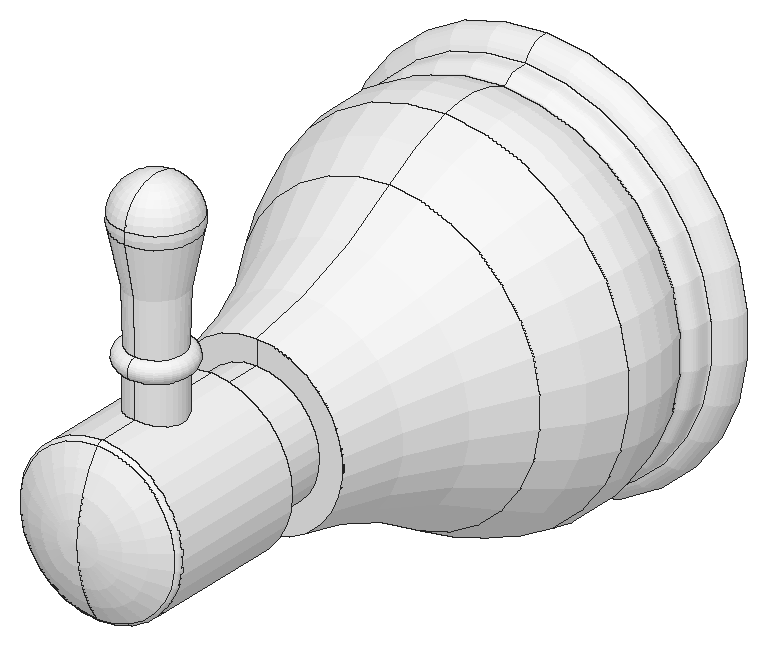
Revit family "Reece_Accessory_Milli_Monument Edit_Robe Hook", category Plumbing Fixtures, Revit 2018
Family settings
  Round Connector Dimension = Use Diameter
  Part Type = Normal
  Work Plane-Based = Yes
  Always vertical = Yes
  Cut with Voids When Loaded = Yes
  Shared = Yes
  Room Calculation Point = Yes
Parameters (values of type "Chrome")
  URL = "https://www.reece.com.au/product/-2265319"
  Type Comments = "Accessory"
  Reece_Product_Web Page = "https://www.reece.com.au/product/-2265319"
  Reece_Product_Type = "Accessory"  # constant formula
  Reece_Product_Sub Brand = "Monument Edit"  # constant formula
  Reece_Product_Number = "2265319"
  Reece_Product_Mount = "Wall Mounted"
  Reece_Product_Description = "Milli Monument Edit Robe Hook Chrome"
  Reece_Product_Brand = "Milli"  # constant formula
  Reece_Overall_Width = 73 mm  # constant formula
  Reece_Overall_Height = 61 mm  # constant formula
  Reece_Overall_Diameter = 50 mm  # constant formula
  Reece_Material_Main = Reece_Brass_Chrome
  Reece_Height_From_Level [instance] = 1000 mm
  Reece_Detail_Installation = "Wall Mounted"  # constant formula
  Reece_Detail_Disclaimer = "THIS FILE IS THE PROPERTY OF THE REECE GROUP. IT MAY NOT BE REPRODUCED, REVERSE-ENGINEERED, OR MODIFIED. ANY REPUBLICATION, TRANSMISSION, OR DISTRIBUTION FOR THE PURPOSE OF COMMERCIALLY EXPLOITING THE FILES IS PROHIBITED."  # constant formula
  Reece_Detail_Additional = "Robe Hook"  # constant formula
  Model = "Monument Edit"
  Manufacturer = "Milli"
  Keynote = "Product #2265319, Reece_Accessory_Milli_Monument Edit_Robe Hook - Chrome"
  Disclaimer = "THIS FILE IS THE PROPERTY OF THE REECE GROUP. IT MAY NOT BE REPRODUCED, REVERSE-ENGINEERED, OR MODIFIED. ANY REPUBLICATION, TRANSMISSION, OR DISTRIBUTION FOR THE PURPOSE OF COMMERCIALLY EXPLOITING THE FILES IS PROHIBITED."  # constant formula
  Description = "Milli Monument Edit Robe Hook Chrome"
  Default Elevation = 0 mm
Types (5, lengths in mm): name | URL | Reece_Product_Web Page | Reece_Product_Number | Reece_Product_Description | Reece_Material_Main | Keynote | Description
  Chrome | "https://www.reece.com.au/product/-2265319" | "https://www.reece.com.au/product/-2265319" | "2265319" | "Milli Monument Edit Robe Hook Chrome" | Reece_Brass_Chrome | "Product #2265319, Reece_Accessory_Milli_Monument Edit_Robe Hook - Chrome" | "Milli Monument Edit Robe Hook Chrome"
  Matte Black | "https://www.reece.com.au/product/-2265441" | "https://www.reece.com.au/product/-2265441" | "2265441" | "Milli Monument Edit Robe Hook Matte Black" | Reece_Brass_Matte Black | "Product #2265441, Reece_Accessory_Milli_Monument Edit_Robe Hook - Matte Black" | "Milli Monument Edit Robe Hook Matte Black"
  Brushed Gunmetal | "https://www.reece.com.au/product/-2265563" | "https://www.reece.com.au/product/-2265563" | "2265563" | "Milli Monument Edit Robe Hook Brushed Gunmetal" | Reece_Brass_Brushed Gunmetal | "Product #2265563, Reece_Accessory_Milli_Monument Edit_Robe Hook - Brushed Gunmetal" | "Milli Monument Edit Robe Hook Brushed Gunmetal"
  Brushed Nickel | "https://www.reece.com.au/product/-2265502" | "https://www.reece.com.au/product/-2265502" | "2265502" | "Milli Monument Robe Hook Brushed Nickel" | Reece_Brass_Brushed Nickel | "Product #2265502, Reece_Accessory_Milli_Monument Edit_Robe Hook - Brushed Nickel" | "Milli Monument Robe Hook Brushed Nickel"
  Brushed Gold | "https://www.reece.com.au/product/-2266253" | "https://www.reece.com.au/product/-2266253" | "2266253" | "Milli Monument Edit Robe Hook Brushed Gold" | Reece_Brass_Brushed Gold | "Product #2266253, Reece_Accessory_Milli_Monument Edit_Robe Hook - Brushed Gold" | "Milli Monument Edit Robe Hook Brushed Gold"
Reference planes
  plane 1 "Center (Front/Back)": y = 0
  plane 2 "Bottom Host Plane": z = -5
  plane 3 "Center (Left/Right)": x = 0
  plane 4 "Height From Floor": z = 1000
  plane 5: y = -73
  plane 6: z = 1036
  plane 7: x = -25
  plane 8: x = 25
  plane 9: z = 975
Forms (mm)
  Revolve 1, solid, material "Reece_Brass_Chrome" <- "Reece_Material_Main"
    sketch origin (0, 75, -1064.289) x (0, -1, 0) y (0, 0, -1)
      loop
        line (75, -2039.321) -> (75, -2064.289) -> (148.002, -2064.289)
        arc (148.002, -2064.289) -> (147.173, -2059.198) -> (144.771, -2054.634) r 16.038
        arc (144.771, -2054.634) -> (144.465, -2054.38) -> (144.078, -2054.289) r 0.868
        line (144.078, -2054.289) -> (127.149, -2054.289)
        arc (127.149, -2054.289) -> (126.333, -2055.408) -> (125.616, -2056.594) r 16.038
        line (125.616, -2056.594) -> (120.046, -2056.594) -> (120.046, -2053.574)
        arc (120.046, -2053.574) -> (109.282, -2050.74) -> (99.445, -2045.531) r 48.587
        arc (99.445, -2045.531) -> (95.24, -2043.126) -> (90.699, -2041.441) r 29.506
        arc (90.699, -2041.441) -> (86.202, -2041.013) -> (81.839, -2042.182) r 12.736
        spline (81.839, -2042.182) -> (81.583, -2042.279) -> (81.353, -2042.22) -> (81.129, -2042.056) -> (80.891, -2041.836) -> (80.622, -2041.611) -> (80.301, -2041.432) -> (79.915, -2041.343) -> (79.491, -2041.328) -> (79.074, -2041.347) -> (78.711, -2041.361) -> (78.447, -2041.329) -> (78.329, -2041.21)
        arc (78.329, -2041.21) -> (76.988, -2039.695) -> (75, -2039.321) r 3.12
      axis (75, -2064.289) -> (148.002, -2064.289)
    angle from 0 to 360
  Revolve 2, solid, material "Reece_Brass_Chrome" <- "Reece_Material_Main"
    sketch origin (0, 75, -1064.289) x (0, -1, 0) y (0, 0, -1)
      loop
        line (132.386, -2064.289) -> (132.386, -2078.828)
        arc (132.386, -2078.828) -> (131.27, -2080.086) -> (132.479, -2081.254) r 1.215
        arc (132.479, -2081.254) -> (132.256, -2087.895) -> (130.932, -2094.406) r 39.809
        arc (130.932, -2094.406) -> (130.786, -2095.189) -> (130.798, -2095.986) r 4
        arc (130.798, -2095.986) -> (132.43, -2099.09) -> (135.726, -2100.288) r 4.86
        line (135.726, -2100.288) -> (135.726, -2064.289) -> (132.386, -2064.289)
      axis (135.726, -2100.288) -> (135.726, -2064.289)
    angle from 0 to 360
Cuts and joins
  joined: Revolve 1, Revolve 2
Lines and regions (mm)
  model lines, style "InvisibleLines"
    curve 1: line (0, 0, -5) -> (0, 0, 1000)
Text (mm)
  text "Reece ©" at (2668.853, -2395.367, 2952.593), in view "Reece Preview"
  text "Reece Copyright © 2018, Reece Ltd." at (-247.475, -190.626, 0), in view "Ref. Level"
Dimensions and locks
  plane 2 "Bottom Host Plane" to level = 5 mm
  locked: level to plane 2 "Bottom Host Plane" at 5
  "Reece_Height_From_Level": plane 4 "Height From Floor" to level
  "Reece_Overall_Height": plane 6 to plane 9
  "Reece_Overall_Width": plane 1 "Center (Front/Back)" to plane 5
  equal spacing: plane 7, plane 3 "Center (Left/Right)", plane 8
  "Reece_Overall_Diameter": plane 8 to plane 7
  locked: plane 6 to plane 4 "Height From Floor" at 36
  aligned and locked: plane 2 "Bottom Host Plane" to curve 1
  aligned and locked: plane 4 "Height From Floor" to curve 1
  aligned and locked: Revolve 2 sketch curve to plane 4 "Height From Floor"
  aligned and locked: Revolve 1 sketch curve to plane 4 "Height From Floor"
Automatic sketch dimensions
  curve 1 to plane 3 "Center (Left/Right)" = 0 mm
  Revolve 1 sketch curve to plane 1 "Center (Front/Back)" = 0 mm
  Revolve 1 sketch curve to plane 4 "Height From Floor" = 0 mm
  plane 1 "Center (Front/Back)" to Revolve 1 sketch curve = 0.448 mm
  Revolve 1 sketch curve to Revolve 1 sketch curve = 2.88 mm
  Revolve 1 sketch curve to Revolve 1 sketch curve = 3.51 mm
  plane 1 "Center (Front/Back)" to Revolve 1 sketch curve = 7.741 mm
  Revolve 1 sketch curve to plane 4 "Height From Floor" = 10.584 mm
  plane 1 "Center (Front/Back)" to Revolve 1 sketch curve = 12.264 mm
  plane 4 "Height From Floor" to Revolve 1 sketch curve = 0 mm  (x2)
  Revolve 1 sketch curve to plane 5 = 0.002 mm
  plane 4 "Height From Floor" to Revolve 1 sketch curve = 5.565 mm
  Revolve 1 sketch curve to Revolve 1 sketch curve = 3.02 mm
  Revolve 1 sketch curve to plane 4 "Height From Floor" = 9.132 mm
  plane 9 to Revolve 1 sketch curve = 3.12 mm
  plane 9 to Revolve 1 sketch curve = 2.894 mm
  plane 9 to Revolve 1 sketch curve = 1.921 mm
  Revolve 1 sketch curve to plane 1 "Center (Front/Back)" = 12.283 mm
  Revolve 1 sketch curve to Revolve 1 sketch curve = 0 mm  (x2)
  Revolve 1 sketch curve to Revolve 1 sketch curve = 8.296 mm
  Revolve 1 sketch curve to plane 4 "Height From Floor" = 7.695 mm
  Revolve 1 sketch curve to Revolve 1 sketch curve = 5.57 mm
  Revolve 1 sketch curve to Revolve 1 sketch curve = 0.345 mm
  Revolve 1 sketch curve to Revolve 1 sketch curve = 1.533 mm
  plane 1 "Center (Front/Back)" to Revolve 2 sketch curve = 17.72 mm
  Revolve 2 sketch curve to Revolve 2 sketch curve = 0.098 mm
  Revolve 2 sketch curve to Revolve 2 sketch curve = 0.854 mm
  Revolve 2 sketch curve to plane 6 = 0.001 mm
  Revolve 2 sketch curve to Revolve 2 sketch curve = 0.954 mm
  Revolve 2 sketch curve to plane 6 = 4.761 mm
  Revolve 2 sketch curve to Revolve 2 sketch curve = 0.099 mm
  Revolve 2 sketch curve to plane 6 = 17.045 mm
  Revolve 2 sketch curve to Revolve 2 sketch curve = 15.489 mm
  Revolve 2 sketch curve to Revolve 2 sketch curve = 1.211 mm
  Revolve 2 sketch curve to Revolve 2 sketch curve = 3.974 mm
  Revolve 2 sketch curve to Revolve 2 sketch curve = 0 mm  (x4)
  Revolve 2 sketch curve to Revolve 2 sketch curve = 0.134 mm
  Revolve 2 sketch curve to Revolve 2 sketch curve = 0.005 mm
  plane 6 to Revolve 2 sketch curve = 8.041 mm
  Revolve 2 sketch curve to Revolve 2 sketch curve = 0.698 mm
  Revolve 1 sketch curve to Revolve 1 sketch curve = 27.956 mm
  plane 5 to Revolve 1 sketch curve = 21.049 mm
  Revolve 1 sketch curve to Revolve 1 sketch curve = 6.348 mm
  Revolve 1 sketch curve to Revolve 1 sketch curve = 7.723 mm
  plane 5 to Revolve 2 sketch curve = 15.614 mm
  Revolve 2 sketch curve to Revolve 2 sketch curve = 2.292 mm
